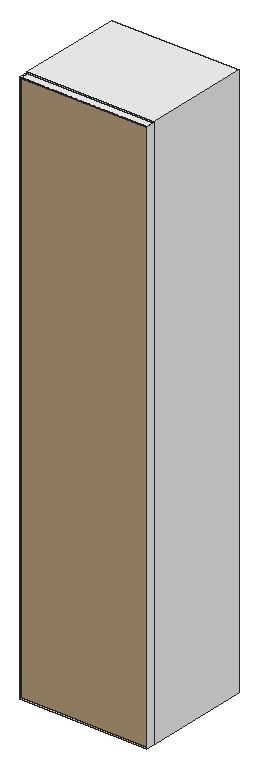
Revit family "bathroom vanity-hansgrohe-54218XXX-Xevolos E Tall cabinet Matt White 400_360, door hinge left", category Furniture, Revit 2019
Family settings
  OmniClass Number = 23.40.00.00
  OmniClass Title = Equipment and Furnishings
  Work Plane-Based = No
  Always vertical = Yes
  Cut with Voids When Loaded = No
  Shared = Yes
  Room Calculation Point = No
Parameters (values of type "54218390-MATT_WHITE-PATTEREND_BRONZE-200")
  etim7_EC011381 = "EC011381"
  WEIGHT = "41.2"
  UNSPSC = "56 | Furniture and Furnishings"
  UNIFORMATII = "E2010 | Fixed Furnishings"
  UNICLASS_2015_CODE = "40_30_78_05"
  UNICLASS2015 = "Pr_40_30_78_05 | Bathroom furniture"
  SURFACE = "PATTEREND_BRONZE"
  REGION = "Worldwide"
  PRODUCTURL = "https://pro.hansgrohe.com/articledetail--54218320"
  PERMALINK = "54218XXX"
  OMNICLASS = "23-21 19 15 33 13 | Residential Bathroom Specialty Casework"
  OBJECTTYPE = "Object (single object)"
  OBERFLAECHE = "MATT_WHITE"
  NN = "Tall cabinet, door hinge"
  NBSYN = "$ARTNR.-$OBERFLAECHE.-$SURFACE.-$LODLEVEL."
  NB = "54218390-MATT_WHITE-PATTEREND_BRONZE-200"
  NAME = "Xevolos E Tall cabinet Matt White 400/360, door hinge left"
  Model = "54218390-MATT_WHITE-PATTEREND_BRONZE-200"
  Manufacturer = "Hansgrohe"
  MIdent = "{$CADENAS_DATA/23d-libs/hansgrohe/xevolos_furniture/xevolos_tall_cabinet_door_hinge/tall_cabinet_door_hinge.prj},246 {VTYP=3D},{NB=54218390-MATT_WHITE-PATTEREND_BRONZE-200},{LINA=54218390-MATT_WHITE-PATTEREND_BRONZE-200},{NN=Tall cabinet, door hinge},{DATE=13.03.2023 12:06:51},{GEOMDATE=12.03.2023 06:51:00},{VERSION=},{LINEID=20},{WBVAR=LODLEVEL},{WBNUMERIC=}  {NB=54218390-MATT_WHITE-PATTEREND_BRONZE-200},{LINA=54218390-MATT_WHITE-PATTEREND_BRONZE-200},{KT=DUMMY},{IDNR=2},{ARTNR=54218390},{BASENUMBER=54218},{MODEL=54218XXX},{OBERFLAECHE=MATT_WHITE},{SURFACE=PATTEREND_BRONZE},{L=400},{LODLEVEL=200},{LODLEVELX='400','400','200','200'},{NAME=Xevolos E Tall cabinet Matt White 400/360, door hinge left},{PERMALINK=54218XXX},{OBJECTTYPE=Object (single object)},{BIMOBJECT=Sanitary: Compound units},{COLLECTIONSET=Xevolos E},{COLLECTION=bathroom vanity},{WEIGHT=41.2},{DESCRIPTION=Xevolos E Tall cabinet Matt White 400/360, door hinge left},{PRODUCTURL=https://pro.hansgrohe.com/articledetail--54218320},{GTINCODE=0},{TENDERURL=0},{IFC=Furnishing element},{ETIM=EC011381 | Bathroom furniture set},{UNICLASS2015=Pr_40_30_78_05 | Bathroom furniture},{OMNICLASS=23-21 19 15 33 13 | Residential Bathroom Specialty Casework},{MASTERFORMAT=12 35 30.23 | Bathroom Casework},{UNSPSC=56 | Furniture and Furnishings},{UNIFORMATII=E2010 | Fixed Furnishings},{REGION=Worldwide},{DESIGN=Germany},{MANUFACTURER=Germany}"
  MASTERFORMAT = "12 35 30.23 | Bathroom Casework"
  LODLEVEL = "200"
  LINA = "54218390-MATT_WHITE-PATTEREND_BRONZE-200"
  L = 400
  IFC = "Furnishing element"
  IDNR = 2
  ETIM = "EC011381 | Bathroom furniture set"
  DESIGN = "Germany"
  COLLECTIONSET = "Xevolos E"
  COLLECTION = "bathroom vanity"
  CATALOG = "Hansgrohe"
  BIMOBJECT = "Sanitary: Compound units"
  BASENUMBER = "54218"
  ARTNR = "54218390"
  54218730-MATT_WHITE-DARK_OAK-400_RX0RY0RZ0TX0TY0TZ0_V = no
  54218730-MATT_WHITE-DARK_OAK-200_RX0RY0RZ0TX0TY0TZ0_V = no
  54218390-MATT_WHITE-PATTEREND_BRONZE-400_RX0RY0RZ0TX0TY0TZ0_V = no
  54218390-MATT_WHITE-PATTEREND_BRONZE-200_RX0RY0RZ0TX0TY0TZ0_V = yes
  54218320-MATT_WHITE-METALLIC_WHITE-400_RX0RY0RZ0TX0TY0TZ0_V = no
  54218320-MATT_WHITE-METALLIC_WHITE-200_RX0RY0RZ0TX0TY0TZ0_V = no
Types (6, lengths in mm): name | SURFACE | NB | Model | MIdent | LODLEVEL | LINA | IDNR | ARTNR | 54218730-MATT_WHITE-DARK_OAK-400_RX0RY0RZ0TX0TY0TZ0_V | 54218730-MATT_WHITE-DARK_OAK-200_RX0RY0RZ0TX0TY0TZ0_V | 54218390-MATT_WHITE-PATTEREND_BRONZE-400_RX0RY0RZ0TX0TY0TZ0_V | 54218390-MATT_WHITE-PATTEREND_BRONZE-200_RX0RY0RZ0TX0TY0TZ0_V | 54218320-MATT_WHITE-METALLIC_WHITE-400_RX0RY0RZ0TX0TY0TZ0_V | 54218320-MATT_WHITE-METALLIC_WHITE-200_RX0RY0RZ0TX0TY0TZ0_V
  54218320-MATT_WHITE-METALLIC_WHITE-200 | "METALLIC_WHITE" | "54218320-MATT_WHITE-METALLIC_WHITE-200" | "54218320-MATT_WHITE-METALLIC_WHITE-200" | "{$CADENAS_DATA/23d-libs/hansgrohe/xevolos_furniture/xevolos_tall_cabinet_door_hinge/tall_cabinet_door_hinge.prj},242 {VTYP=3D},{NB=54218320-MATT_WHITE-METALLIC_WHITE-200},{LINA=54218320-MATT_WHITE-METALLIC_WHITE-200},{NN=Tall cabinet, door hinge},{DATE=13.03.2023 12:06:51},{GEOMDATE=12.03.2023 06:51:00},{VERSION=},{LINEID=10},{WBVAR=LODLEVEL},{WBNUMERIC=}  {NB=54218320-MATT_WHITE-METALLIC_WHITE-200},{LINA=54218320-MATT_WHITE-METALLIC_WHITE-200},{KT=DUMMY},{IDNR=1},{ARTNR=54218320},{BASENUMBER=54218},{MODEL=54218XXX},{OBERFLAECHE=MATT_WHITE},{SURFACE=METALLIC_WHITE},{L=400},{LODLEVEL=200},{LODLEVELX='400','400','200','200'},{NAME=Xevolos E Tall cabinet Matt White 400/360, door hinge left},{PERMALINK=54218XXX},{OBJECTTYPE=Object (single object)},{BIMOBJECT=Sanitary: Compound units},{COLLECTIONSET=Xevolos E},{COLLECTION=bathroom vanity},{WEIGHT=41.2},{DESCRIPTION=Xevolos E Tall cabinet Matt White 400/360, door hinge left},{PRODUCTURL=https://pro.hansgrohe.com/articledetail--54218320},{GTINCODE=0},{TENDERURL=0},{IFC=Furnishing element},{ETIM=EC011381 | Bathroom furniture set},{UNICLASS2015=Pr_40_30_78_05 | Bathroom furniture},{OMNICLASS=23-21 19 15 33 13 | Residential Bathroom Specialty Casework},{MASTERFORMAT=12 35 30.23 | Bathroom Casework},{UNSPSC=56 | Furniture and Furnishings},{UNIFORMATII=E2010 | Fixed Furnishings},{REGION=Worldwide},{DESIGN=Germany},{MANUFACTURER=Germany}" | "200" | "54218320-MATT_WHITE-METALLIC_WHITE-200" | 1 | "54218320" | no | no | no | no | no | yes
  54218320-MATT_WHITE-METALLIC_WHITE-400 | "METALLIC_WHITE" | "54218320-MATT_WHITE-METALLIC_WHITE-400" | "54218320-MATT_WHITE-METALLIC_WHITE-400" | "{$CADENAS_DATA/23d-libs/hansgrohe/xevolos_furniture/xevolos_tall_cabinet_door_hinge/tall_cabinet_door_hinge.prj},242 {VTYP=3D},{NB=54218320-MATT_WHITE-METALLIC_WHITE-400},{LINA=54218320-MATT_WHITE-METALLIC_WHITE-400},{NN=Tall cabinet, door hinge},{DATE=13.03.2023 12:06:51},{GEOMDATE=12.03.2023 06:51:00},{VERSION=},{LINEID=10},{WBVAR=LODLEVEL},{WBNUMERIC=}  {NB=54218320-MATT_WHITE-METALLIC_WHITE-400},{LINA=54218320-MATT_WHITE-METALLIC_WHITE-400},{KT=DUMMY},{IDNR=1},{ARTNR=54218320},{BASENUMBER=54218},{MODEL=54218XXX},{OBERFLAECHE=MATT_WHITE},{SURFACE=METALLIC_WHITE},{L=400},{LODLEVEL=400},{LODLEVELX='400','400','200','200'},{NAME=Xevolos E Tall cabinet Matt White 400/360, door hinge left},{PERMALINK=54218XXX},{OBJECTTYPE=Object (single object)},{BIMOBJECT=Sanitary: Compound units},{COLLECTIONSET=Xevolos E},{COLLECTION=bathroom vanity},{WEIGHT=41.2},{DESCRIPTION=Xevolos E Tall cabinet Matt White 400/360, door hinge left},{PRODUCTURL=https://pro.hansgrohe.com/articledetail--54218320},{GTINCODE=0},{TENDERURL=0},{IFC=Furnishing element},{ETIM=EC011381 | Bathroom furniture set},{UNICLASS2015=Pr_40_30_78_05 | Bathroom furniture},{OMNICLASS=23-21 19 15 33 13 | Residential Bathroom Specialty Casework},{MASTERFORMAT=12 35 30.23 | Bathroom Casework},{UNSPSC=56 | Furniture and Furnishings},{UNIFORMATII=E2010 | Fixed Furnishings},{REGION=Worldwide},{DESIGN=Germany},{MANUFACTURER=Germany}" | "400" | "54218320-MATT_WHITE-METALLIC_WHITE-400" | 1 | "54218320" | no | no | no | no | yes | no
  54218390-MATT_WHITE-PATTEREND_BRONZE-200 | "PATTEREND_BRONZE" | "54218390-MATT_WHITE-PATTEREND_BRONZE-200" | "54218390-MATT_WHITE-PATTEREND_BRONZE-200" | "{$CADENAS_DATA/23d-libs/hansgrohe/xevolos_furniture/xevolos_tall_cabinet_door_hinge/tall_cabinet_door_hinge.prj},246 {VTYP=3D},{NB=54218390-MATT_WHITE-PATTEREND_BRONZE-200},{LINA=54218390-MATT_WHITE-PATTEREND_BRONZE-200},{NN=Tall cabinet, door hinge},{DATE=13.03.2023 12:06:51},{GEOMDATE=12.03.2023 06:51:00},{VERSION=},{LINEID=20},{WBVAR=LODLEVEL},{WBNUMERIC=}  {NB=54218390-MATT_WHITE-PATTEREND_BRONZE-200},{LINA=54218390-MATT_WHITE-PATTEREND_BRONZE-200},{KT=DUMMY},{IDNR=2},{ARTNR=54218390},{BASENUMBER=54218},{MODEL=54218XXX},{OBERFLAECHE=MATT_WHITE},{SURFACE=PATTEREND_BRONZE},{L=400},{LODLEVEL=200},{LODLEVELX='400','400','200','200'},{NAME=Xevolos E Tall cabinet Matt White 400/360, door hinge left},{PERMALINK=54218XXX},{OBJECTTYPE=Object (single object)},{BIMOBJECT=Sanitary: Compound units},{COLLECTIONSET=Xevolos E},{COLLECTION=bathroom vanity},{WEIGHT=41.2},{DESCRIPTION=Xevolos E Tall cabinet Matt White 400/360, door hinge left},{PRODUCTURL=https://pro.hansgrohe.com/articledetail--54218320},{GTINCODE=0},{TENDERURL=0},{IFC=Furnishing element},{ETIM=EC011381 | Bathroom furniture set},{UNICLASS2015=Pr_40_30_78_05 | Bathroom furniture},{OMNICLASS=23-21 19 15 33 13 | Residential Bathroom Specialty Casework},{MASTERFORMAT=12 35 30.23 | Bathroom Casework},{UNSPSC=56 | Furniture and Furnishings},{UNIFORMATII=E2010 | Fixed Furnishings},{REGION=Worldwide},{DESIGN=Germany},{MANUFACTURER=Germany}" | "200" | "54218390-MATT_WHITE-PATTEREND_BRONZE-200" | 2 | "54218390" | no | no | no | yes | no | no
  54218390-MATT_WHITE-PATTEREND_BRONZE-400 | "PATTEREND_BRONZE" | "54218390-MATT_WHITE-PATTEREND_BRONZE-400" | "54218390-MATT_WHITE-PATTEREND_BRONZE-400" | "{$CADENAS_DATA/23d-libs/hansgrohe/xevolos_furniture/xevolos_tall_cabinet_door_hinge/tall_cabinet_door_hinge.prj},246 {VTYP=3D},{NB=54218390-MATT_WHITE-PATTEREND_BRONZE-400},{LINA=54218390-MATT_WHITE-PATTEREND_BRONZE-400},{NN=Tall cabinet, door hinge},{DATE=13.03.2023 12:06:51},{GEOMDATE=12.03.2023 06:51:00},{VERSION=},{LINEID=20},{WBVAR=LODLEVEL},{WBNUMERIC=}  {NB=54218390-MATT_WHITE-PATTEREND_BRONZE-400},{LINA=54218390-MATT_WHITE-PATTEREND_BRONZE-400},{KT=DUMMY},{IDNR=2},{ARTNR=54218390},{BASENUMBER=54218},{MODEL=54218XXX},{OBERFLAECHE=MATT_WHITE},{SURFACE=PATTEREND_BRONZE},{L=400},{LODLEVEL=400},{LODLEVELX='400','400','200','200'},{NAME=Xevolos E Tall cabinet Matt White 400/360, door hinge left},{PERMALINK=54218XXX},{OBJECTTYPE=Object (single object)},{BIMOBJECT=Sanitary: Compound units},{COLLECTIONSET=Xevolos E},{COLLECTION=bathroom vanity},{WEIGHT=41.2},{DESCRIPTION=Xevolos E Tall cabinet Matt White 400/360, door hinge left},{PRODUCTURL=https://pro.hansgrohe.com/articledetail--54218320},{GTINCODE=0},{TENDERURL=0},{IFC=Furnishing element},{ETIM=EC011381 | Bathroom furniture set},{UNICLASS2015=Pr_40_30_78_05 | Bathroom furniture},{OMNICLASS=23-21 19 15 33 13 | Residential Bathroom Specialty Casework},{MASTERFORMAT=12 35 30.23 | Bathroom Casework},{UNSPSC=56 | Furniture and Furnishings},{UNIFORMATII=E2010 | Fixed Furnishings},{REGION=Worldwide},{DESIGN=Germany},{MANUFACTURER=Germany}" | "400" | "54218390-MATT_WHITE-PATTEREND_BRONZE-400" | 2 | "54218390" | no | no | yes | no | no | no
  54218730-MATT_WHITE-DARK_OAK-200 | "DARK_OAK" | "54218730-MATT_WHITE-DARK_OAK-200" | "54218730-MATT_WHITE-DARK_OAK-200" | "{$CADENAS_DATA/23d-libs/hansgrohe/xevolos_furniture/xevolos_tall_cabinet_door_hinge/tall_cabinet_door_hinge.prj},230 {VTYP=3D},{NB=54218730-MATT_WHITE-DARK_OAK-200},{LINA=54218730-MATT_WHITE-DARK_OAK-200},{NN=Tall cabinet, door hinge},{DATE=13.03.2023 12:06:51},{GEOMDATE=12.03.2023 06:51:00},{VERSION=},{LINEID=30},{WBVAR=LODLEVEL},{WBNUMERIC=}  {NB=54218730-MATT_WHITE-DARK_OAK-200},{LINA=54218730-MATT_WHITE-DARK_OAK-200},{KT=DUMMY},{IDNR=3},{ARTNR=54218730},{BASENUMBER=54218},{MODEL=54218XXX},{OBERFLAECHE=MATT_WHITE},{SURFACE=DARK_OAK},{L=400},{LODLEVEL=200},{LODLEVELX='400','400','200','200'},{NAME=Xevolos E Tall cabinet Matt White 400/360, door hinge left},{PERMALINK=54218XXX},{OBJECTTYPE=Object (single object)},{BIMOBJECT=Sanitary: Compound units},{COLLECTIONSET=Xevolos E},{COLLECTION=bathroom vanity},{WEIGHT=41.2},{DESCRIPTION=Xevolos E Tall cabinet Matt White 400/360, door hinge left},{PRODUCTURL=https://pro.hansgrohe.com/articledetail--54218320},{GTINCODE=0},{TENDERURL=0},{IFC=Furnishing element},{ETIM=EC011381 | Bathroom furniture set},{UNICLASS2015=Pr_40_30_78_05 | Bathroom furniture},{OMNICLASS=23-21 19 15 33 13 | Residential Bathroom Specialty Casework},{MASTERFORMAT=12 35 30.23 | Bathroom Casework},{UNSPSC=56 | Furniture and Furnishings},{UNIFORMATII=E2010 | Fixed Furnishings},{REGION=Worldwide},{DESIGN=Germany},{MANUFACTURER=Germany}" | "200" | "54218730-MATT_WHITE-DARK_OAK-200" | 3 | "54218730" | no | yes | no | no | no | no
  54218730-MATT_WHITE-DARK_OAK-400 | "DARK_OAK" | "54218730-MATT_WHITE-DARK_OAK-400" | "54218730-MATT_WHITE-DARK_OAK-400" | "{$CADENAS_DATA/23d-libs/hansgrohe/xevolos_furniture/xevolos_tall_cabinet_door_hinge/tall_cabinet_door_hinge.prj},230 {VTYP=3D},{NB=54218730-MATT_WHITE-DARK_OAK-400},{LINA=54218730-MATT_WHITE-DARK_OAK-400},{NN=Tall cabinet, door hinge},{DATE=13.03.2023 12:06:51},{GEOMDATE=12.03.2023 06:51:00},{VERSION=},{LINEID=30},{WBVAR=LODLEVEL},{WBNUMERIC=}  {NB=54218730-MATT_WHITE-DARK_OAK-400},{LINA=54218730-MATT_WHITE-DARK_OAK-400},{KT=DUMMY},{IDNR=3},{ARTNR=54218730},{BASENUMBER=54218},{MODEL=54218XXX},{OBERFLAECHE=MATT_WHITE},{SURFACE=DARK_OAK},{L=400},{LODLEVEL=400},{LODLEVELX='400','400','200','200'},{NAME=Xevolos E Tall cabinet Matt White 400/360, door hinge left},{PERMALINK=54218XXX},{OBJECTTYPE=Object (single object)},{BIMOBJECT=Sanitary: Compound units},{COLLECTIONSET=Xevolos E},{COLLECTION=bathroom vanity},{WEIGHT=41.2},{DESCRIPTION=Xevolos E Tall cabinet Matt White 400/360, door hinge left},{PRODUCTURL=https://pro.hansgrohe.com/articledetail--54218320},{GTINCODE=0},{TENDERURL=0},{IFC=Furnishing element},{ETIM=EC011381 | Bathroom furniture set},{UNICLASS2015=Pr_40_30_78_05 | Bathroom furniture},{OMNICLASS=23-21 19 15 33 13 | Residential Bathroom Specialty Casework},{MASTERFORMAT=12 35 30.23 | Bathroom Casework},{UNSPSC=56 | Furniture and Furnishings},{UNIFORMATII=E2010 | Fixed Furnishings},{REGION=Worldwide},{DESIGN=Germany},{MANUFACTURER=Germany}" | "400" | "54218730-MATT_WHITE-DARK_OAK-400" | 3 | "54218730" | yes | no | no | no | no | no
Reference planes
  plane 1 "Center (Front/Back)": y = 0
  plane 2: z = 0
  plane 3 "Center (Left/Right)": x = 0
Dimensions and locks
  aligned and locked: level to plane 2
Nested families
  nested 1: "54218320-matt_white-metallic_white-200_content" at (0, 0, 0), visible <- "54218320-MATT_WHITE-METALLIC_WHITE-200_RX0RY0RZ0TX0TY0TZ0_V", ContentVisible <- "54218320-MATT_WHITE-METALLIC_WHITE-200_RX0RY0RZ0TX0TY0TZ0_V", type "54218320-MATT_WHITE-METALLIC_WHITE-200_Content"
    with ContentVisible no
  nested 2: "54218320-matt_white-metallic_white-400_content" at (0, 0, 0), visible <- "54218320-MATT_WHITE-METALLIC_WHITE-400_RX0RY0RZ0TX0TY0TZ0_V", ContentVisible <- "54218320-MATT_WHITE-METALLIC_WHITE-400_RX0RY0RZ0TX0TY0TZ0_V", type "54218320-MATT_WHITE-METALLIC_WHITE-400_Content"
    with ContentVisible no
  nested 3: "54218390-matt_white-patterend_bronze-200_content" at (0, 0, 0), visible <- "54218390-MATT_WHITE-PATTEREND_BRONZE-200_RX0RY0RZ0TX0TY0TZ0_V", ContentVisible <- "54218390-MATT_WHITE-PATTEREND_BRONZE-200_RX0RY0RZ0TX0TY0TZ0_V", type "54218390-MATT_WHITE-PATTEREND_BRONZE-200_Content"
    with ContentVisible yes
  nested 4: "54218390-matt_white-patterend_bronze-400_content" at (0, 0, 0), visible <- "54218390-MATT_WHITE-PATTEREND_BRONZE-400_RX0RY0RZ0TX0TY0TZ0_V", ContentVisible <- "54218390-MATT_WHITE-PATTEREND_BRONZE-400_RX0RY0RZ0TX0TY0TZ0_V", type "54218390-MATT_WHITE-PATTEREND_BRONZE-400_Content"
    with ContentVisible no
  nested 5: "54218730-matt_white-dark_oak-200_content" at (0, 0, 0), visible <- "54218730-MATT_WHITE-DARK_OAK-200_RX0RY0RZ0TX0TY0TZ0_V", ContentVisible <- "54218730-MATT_WHITE-DARK_OAK-200_RX0RY0RZ0TX0TY0TZ0_V", type "54218730-MATT_WHITE-DARK_OAK-200_Content"
    with ContentVisible no
  nested 6: "54218730-matt_white-dark_oak-400_content" at (0, 0, 0), visible <- "54218730-MATT_WHITE-DARK_OAK-400_RX0RY0RZ0TX0TY0TZ0_V", ContentVisible <- "54218730-MATT_WHITE-DARK_OAK-400_RX0RY0RZ0TX0TY0TZ0_V", type "54218730-MATT_WHITE-DARK_OAK-400_Content"
    with ContentVisible no
Definition of nested family "54218390-matt_white-patterend_bronze-200_content"
  Parameters (values of type "54218390-MATT_WHITE-PATTEREND_BRONZE-200_Content")
    etim7_EC011381 = "EC011381"
    WEIGHT = "41.2"
    UNSPSC = "56 | Furniture and Furnishings"
    UNIFORMATII = "E2010 | Fixed Furnishings"
    UNICLASS_2015_CODE = "40_30_78_05"
    UNICLASS2015 = "Pr_40_30_78_05 | Bathroom furniture"
    SURFACE = "PATTEREND_BRONZE"
    REGION = "Worldwide"
    PRODUCTURL = "https://pro.hansgrohe.com/articledetail--54218320"
    PERMALINK = "54218XXX"
    OMNICLASS = "23-21 19 15 33 13 | Residential Bathroom Specialty Casework"
    OBJECTTYPE = "Object (single object)"
    OBERFLAECHE = "MATT_WHITE"
    NN = "Tall cabinet, door hinge"
    NBSYN = "$ARTNR.-$OBERFLAECHE.-$SURFACE.-$LODLEVEL."
    NB = "54218390-MATT_WHITE-PATTEREND_BRONZE-200"
    NAME = "Xevolos E Tall cabinet Matt White 400/360, door hinge left"
    Model = "54218390-MATT_WHITE-PATTEREND_BRONZE-200"
    Manufacturer = "Hansgrohe"
    MASTERFORMAT = "12 35 30.23 | Bathroom Casework"
    LODLEVEL = "200"
    LINA = "54218390-MATT_WHITE-PATTEREND_BRONZE-200"
    L = 400
    IFC = "Furnishing element"
    IDNR = 2
    ETIM = "EC011381 | Bathroom furniture set"
    Default Elevation = 1219.2 mm
    DESIGN = "Germany"
    ContentVisible [instance] = yes
    COLLECTIONSET = "Xevolos E"
    COLLECTION = "bathroom vanity"
    CATALOG = "Hansgrohe"
    BIMOBJECT = "Sanitary: Compound units"
    BASENUMBER = "54218"
    ARTNR = "54218390"
  Reference planes
    plane 1 "Center (Front/Back)": y = 0
    plane 2: z = 0
    plane 3 "Center (Left/Right)": x = 0
  Forms (mm)
    Extrusion 1, solid, visible <- "ContentVisible", detail levels medium+fine
      sketch origin (0, 0, 0) x (1, 0, 0) y (0, 1, 0)
        loop
          line (-200, 0) -> (-200, -334.5) -> (200, -334.5) -> (200, 0) -> (-200, 0)
      from 0 to 1760
    Extrusion 2, solid, visible <- "ContentVisible", detail levels medium+fine
      sketch origin (0, -334.5, 0) x (1, 0, 0) y (0, 0, -1)
        loop
          line (-200, -2) -> (-200, -1758) -> (200, -1758) -> (200, -2) -> (-200, -2)
        loop
          line (-198, -4) -> (-198, -1756) -> (198, -1756) -> (198, -4) -> (-198, -4)
      from -24.75 to 0
    Extrusion 3, solid, visible <- "ContentVisible", detail levels medium+fine
      sketch origin (0, -334.5, 0) x (1, 0, 0) y (0, 0, -1)
        loop
          line (-198, -4) -> (-198, -1756) -> (198, -1756) -> (198, -4) -> (-198, -4)
      from -24.75 to 0
    Extrusion 4, solid, visible <- "ContentVisible", detail levels coarse
      sketch origin (0, -179.625, 0) x (1, 0, 0) y (0, 1, 0)
        loop
          line (-200, -179.625) -> (200, -179.625) -> (200, 179.625) -> (-200, 179.625) -> (-200, -179.625)
      from 0 to 1760
  Dimensions and locks
    aligned and locked: level to plane 2
Definition of nested family "54218320-matt_white-metallic_white-200_content"
  Parameters (values of type "54218320-MATT_WHITE-METALLIC_WHITE-200_Content")
    etim7_EC011381 = "EC011381"
    WEIGHT = "41.2"
    UNSPSC = "56 | Furniture and Furnishings"
    UNIFORMATII = "E2010 | Fixed Furnishings"
    UNICLASS_2015_CODE = "40_30_78_05"
    UNICLASS2015 = "Pr_40_30_78_05 | Bathroom furniture"
    SURFACE = "METALLIC_WHITE"
    REGION = "Worldwide"
    PRODUCTURL = "https://pro.hansgrohe.com/articledetail--54218320"
    PERMALINK = "54218XXX"
    OMNICLASS = "23-21 19 15 33 13 | Residential Bathroom Specialty Casework"
    OBJECTTYPE = "Object (single object)"
    OBERFLAECHE = "MATT_WHITE"
    NN = "Tall cabinet, door hinge"
    NBSYN = "$ARTNR.-$OBERFLAECHE.-$SURFACE.-$LODLEVEL."
    NB = "54218320-MATT_WHITE-METALLIC_WHITE-200"
    NAME = "Xevolos E Tall cabinet Matt White 400/360, door hinge left"
    Model = "54218320-MATT_WHITE-METALLIC_WHITE-200"
    Manufacturer = "Hansgrohe"
    MASTERFORMAT = "12 35 30.23 | Bathroom Casework"
    LODLEVEL = "200"
    LINA = "54218320-MATT_WHITE-METALLIC_WHITE-200"
    L = 400
    IFC = "Furnishing element"
    IDNR = 1
    ETIM = "EC011381 | Bathroom furniture set"
    Default Elevation = 1219.2 mm
    DESIGN = "Germany"
    ContentVisible [instance] = yes
    COLLECTIONSET = "Xevolos E"
    COLLECTION = "bathroom vanity"
    CATALOG = "Hansgrohe"
    BIMOBJECT = "Sanitary: Compound units"
    BASENUMBER = "54218"
    ARTNR = "54218320"
  Reference planes
    plane 1 "Center (Front/Back)": y = 0
    plane 2: z = 0
    plane 3 "Center (Left/Right)": x = 0
  Forms (mm)
    Extrusion 1, solid, visible <- "ContentVisible", detail levels medium+fine
      sketch origin (0, 0, 0) x (1, 0, 0) y (0, 1, 0)
        loop
          line (-200, 0) -> (-200, -334.5) -> (200, -334.5) -> (200, 0) -> (-200, 0)
      from 0 to 1760
    Extrusion 2, solid, visible <- "ContentVisible", detail levels medium+fine
      sketch origin (0, -334.5, 0) x (1, 0, 0) y (0, 0, -1)
        loop
          line (-200, -2) -> (-200, -1758) -> (200, -1758) -> (200, -2) -> (-200, -2)
        loop
          line (-198, -4) -> (-198, -1756) -> (198, -1756) -> (198, -4) -> (-198, -4)
      from -24.75 to 0
    Extrusion 3, solid, visible <- "ContentVisible", detail levels medium+fine
      sketch origin (0, -334.5, 0) x (1, 0, 0) y (0, 0, -1)
        loop
          line (-198, -4) -> (-198, -1756) -> (198, -1756) -> (198, -4) -> (-198, -4)
      from -24.75 to 0
    Extrusion 4, solid, visible <- "ContentVisible", detail levels coarse
      sketch origin (0, -179.625, 0) x (1, 0, 0) y (0, 1, 0)
        loop
          line (-200, -179.625) -> (200, -179.625) -> (200, 179.625) -> (-200, 179.625) -> (-200, -179.625)
      from 0 to 1760
  Dimensions and locks
    aligned and locked: level to plane 2
Definition of nested family "54218320-matt_white-metallic_white-400_content"
  Parameters (values of type "54218320-MATT_WHITE-METALLIC_WHITE-400_Content")
    etim7_EC011381 = "EC011381"
    WEIGHT = "41.2"
    UNSPSC = "56 | Furniture and Furnishings"
    UNIFORMATII = "E2010 | Fixed Furnishings"
    UNICLASS_2015_CODE = "40_30_78_05"
    UNICLASS2015 = "Pr_40_30_78_05 | Bathroom furniture"
    SURFACE = "METALLIC_WHITE"
    REGION = "Worldwide"
    PRODUCTURL = "https://pro.hansgrohe.com/articledetail--54218320"
    PERMALINK = "54218XXX"
    OMNICLASS = "23-21 19 15 33 13 | Residential Bathroom Specialty Casework"
    OBJECTTYPE = "Object (single object)"
    OBERFLAECHE = "MATT_WHITE"
    NN = "Tall cabinet, door hinge"
    NBSYN = "$ARTNR.-$OBERFLAECHE.-$SURFACE.-$LODLEVEL."
    NB = "54218320-MATT_WHITE-METALLIC_WHITE-400"
    NAME = "Xevolos E Tall cabinet Matt White 400/360, door hinge left"
    Model = "54218320-MATT_WHITE-METALLIC_WHITE-400"
    Manufacturer = "Hansgrohe"
    MASTERFORMAT = "12 35 30.23 | Bathroom Casework"
    LODLEVEL = "400"
    LINA = "54218320-MATT_WHITE-METALLIC_WHITE-400"
    L = 400
    IFC = "Furnishing element"
    IDNR = 1
    ETIM = "EC011381 | Bathroom furniture set"
    Default Elevation = 1219.2 mm
    DESIGN = "Germany"
    ContentVisible [instance] = yes
    COLLECTIONSET = "Xevolos E"
    COLLECTION = "bathroom vanity"
    CATALOG = "Hansgrohe"
    BIMOBJECT = "Sanitary: Compound units"
    BASENUMBER = "54218"
    ARTNR = "54218320"
  Reference planes
    plane 1 "Center (Front/Back)": y = 0
    plane 2: z = 0
    plane 3 "Center (Left/Right)": x = 0
  Forms (mm)
    Extrusion 1, solid, visible <- "ContentVisible", detail levels medium+fine
      sketch origin (0, 0, 0) x (1, 0, 0) y (0, 1, 0)
        loop
          line (-200, 0) -> (-200, -334.5) -> (200, -334.5) -> (200, 0) -> (184, 0) -> (184, -16.8) -> (-184, -16.8) -> (-184, 0) -> (-200, 0)
      from 0 to 1760
    Extrusion 2, solid, visible <- "ContentVisible", detail levels medium+fine
      sketch origin (0, -334.5, 0) x (1, 0, 0) y (0, 0, -1)
        loop
          line (-200, -2) -> (-200, -439) -> (-198, -439) -> (-198, -4) -> (198, -4) -> (198, -439) -> (200, -439) -> (200, -2) -> (-200, -2)
      from -24.75 to 0
    Extrusion 3, solid, visible <- "ContentVisible", detail levels medium+fine
      sketch origin (0, -334.5, 0) x (1, 0, 0) y (0, 0, -1)
        loop
          line (-200, -439) -> (-200, -876) -> (200, -876) -> (200, -439) -> (198, -439) -> (198, -874) -> (-198, -874) -> (-198, -439) -> (-200, -439)
      from -24.75 to 0
    Extrusion 4, solid, visible <- "ContentVisible", detail levels medium+fine
      sketch origin (0, -334.5, 0) x (1, 0, 0) y (0, 0, -1)
        loop
          line (-198, -4) -> (-198, -874) -> (198, -874) -> (198, -4) -> (-198, -4)
      from -24.75 to 0
    Extrusion 5, solid, visible <- "ContentVisible", detail levels medium+fine
      sketch origin (0, -334.5, 0) x (1, 0, 0) y (0, 0, -1)
        loop
          line (-200, -884) -> (-200, -1321) -> (-198, -1321) -> (-198, -886) -> (198, -886) -> (198, -1321) -> (200, -1321) -> (200, -884) -> (-200, -884)
      from -24.75 to 0
    Extrusion 6, solid, visible <- "ContentVisible", detail levels medium+fine
      sketch origin (0, -334.5, 0) x (1, 0, 0) y (0, 0, -1)
        loop
          line (-200, -1321) -> (-200, -1758) -> (200, -1758) -> (200, -1321) -> (198, -1321) -> (198, -1756) -> (-198, -1756) -> (-198, -1321) -> (-200, -1321)
      from -24.75 to 0
    Extrusion 7, solid, visible <- "ContentVisible", detail levels medium+fine
      sketch origin (0, -334.5, 0) x (1, 0, 0) y (0, 0, -1)
        loop
          line (-198, -886) -> (-198, -1756) -> (198, -1756) -> (198, -886) -> (-198, -886)
      from -24.75 to 0
    Extrusion 8, solid, visible <- "ContentVisible", detail levels coarse
      sketch origin (0, -179.625, 0) x (1, 0, 0) y (0, 1, 0)
        loop
          line (-200, -179.625) -> (200, -179.625) -> (200, 179.625) -> (-200, 179.625) -> (-200, -179.625)
      from 0 to 1760
  Dimensions and locks
    aligned and locked: level to plane 2
Definition of nested family "54218390-matt_white-patterend_bronze-400_content"
  Parameters (values of type "54218390-MATT_WHITE-PATTEREND_BRONZE-400_Content")
    etim7_EC011381 = "EC011381"
    WEIGHT = "41.2"
    UNSPSC = "56 | Furniture and Furnishings"
    UNIFORMATII = "E2010 | Fixed Furnishings"
    UNICLASS_2015_CODE = "40_30_78_05"
    UNICLASS2015 = "Pr_40_30_78_05 | Bathroom furniture"
    SURFACE = "PATTEREND_BRONZE"
    REGION = "Worldwide"
    PRODUCTURL = "https://pro.hansgrohe.com/articledetail--54218320"
    PERMALINK = "54218XXX"
    OMNICLASS = "23-21 19 15 33 13 | Residential Bathroom Specialty Casework"
    OBJECTTYPE = "Object (single object)"
    OBERFLAECHE = "MATT_WHITE"
    NN = "Tall cabinet, door hinge"
    NBSYN = "$ARTNR.-$OBERFLAECHE.-$SURFACE.-$LODLEVEL."
    NB = "54218390-MATT_WHITE-PATTEREND_BRONZE-400"
    NAME = "Xevolos E Tall cabinet Matt White 400/360, door hinge left"
    Model = "54218390-MATT_WHITE-PATTEREND_BRONZE-400"
    Manufacturer = "Hansgrohe"
    MASTERFORMAT = "12 35 30.23 | Bathroom Casework"
    LODLEVEL = "400"
    LINA = "54218390-MATT_WHITE-PATTEREND_BRONZE-400"
    L = 400
    IFC = "Furnishing element"
    IDNR = 2
    ETIM = "EC011381 | Bathroom furniture set"
    Default Elevation = 1219.2 mm
    DESIGN = "Germany"
    ContentVisible [instance] = yes
    COLLECTIONSET = "Xevolos E"
    COLLECTION = "bathroom vanity"
    CATALOG = "Hansgrohe"
    BIMOBJECT = "Sanitary: Compound units"
    BASENUMBER = "54218"
    ARTNR = "54218390"
  Reference planes
    plane 1 "Center (Front/Back)": y = 0
    plane 2: z = 0
    plane 3 "Center (Left/Right)": x = 0
  Forms (mm)
    Extrusion 1, solid, visible <- "ContentVisible", detail levels medium+fine
      sketch origin (0, 0, 0) x (1, 0, 0) y (0, 1, 0)
        loop
          line (-200, 0) -> (-200, -334.5) -> (200, -334.5) -> (200, 0) -> (184, 0) -> (184, -16.8) -> (-184, -16.8) -> (-184, 0) -> (-200, 0)
      from 0 to 1760
    Extrusion 2, solid, visible <- "ContentVisible", detail levels medium+fine
      sketch origin (0, -334.5, 0) x (1, 0, 0) y (0, 0, -1)
        loop
          line (-200, -2) -> (-200, -439) -> (-198, -439) -> (-198, -4) -> (198, -4) -> (198, -439) -> (200, -439) -> (200, -2) -> (-200, -2)
      from -24.75 to 0
    Extrusion 3, solid, visible <- "ContentVisible", detail levels medium+fine
      sketch origin (0, -334.5, 0) x (1, 0, 0) y (0, 0, -1)
        loop
          line (-200, -439) -> (-200, -876) -> (200, -876) -> (200, -439) -> (198, -439) -> (198, -874) -> (-198, -874) -> (-198, -439) -> (-200, -439)
      from -24.75 to 0
    Extrusion 4, solid, visible <- "ContentVisible", detail levels medium+fine
      sketch origin (0, -334.5, 0) x (1, 0, 0) y (0, 0, -1)
        loop
          line (-198, -4) -> (-198, -874) -> (198, -874) -> (198, -4) -> (-198, -4)
      from -24.75 to 0
    Extrusion 5, solid, visible <- "ContentVisible", detail levels medium+fine
      sketch origin (0, -334.5, 0) x (1, 0, 0) y (0, 0, -1)
        loop
          line (-200, -884) -> (-200, -1321) -> (-198, -1321) -> (-198, -886) -> (198, -886) -> (198, -1321) -> (200, -1321) -> (200, -884) -> (-200, -884)
      from -24.75 to 0
    Extrusion 6, solid, visible <- "ContentVisible", detail levels medium+fine
      sketch origin (0, -334.5, 0) x (1, 0, 0) y (0, 0, -1)
        loop
          line (-200, -1321) -> (-200, -1758) -> (200, -1758) -> (200, -1321) -> (198, -1321) -> (198, -1756) -> (-198, -1756) -> (-198, -1321) -> (-200, -1321)
      from -24.75 to 0
    Extrusion 7, solid, visible <- "ContentVisible", detail levels medium+fine
      sketch origin (0, -334.5, 0) x (1, 0, 0) y (0, 0, -1)
        loop
          line (-198, -886) -> (-198, -1756) -> (198, -1756) -> (198, -886) -> (-198, -886)
      from -24.75 to 0
    Extrusion 8, solid, visible <- "ContentVisible", detail levels coarse
      sketch origin (0, -179.625, 0) x (1, 0, 0) y (0, 1, 0)
        loop
          line (-200, -179.625) -> (200, -179.625) -> (200, 179.625) -> (-200, 179.625) -> (-200, -179.625)
      from 0 to 1760
  Dimensions and locks
    aligned and locked: level to plane 2
Definition of nested family "54218730-matt_white-dark_oak-200_content"
  Parameters (values of type "54218730-MATT_WHITE-DARK_OAK-200_Content")
    etim7_EC011381 = "EC011381"
    WEIGHT = "41.2"
    UNSPSC = "56 | Furniture and Furnishings"
    UNIFORMATII = "E2010 | Fixed Furnishings"
    UNICLASS_2015_CODE = "40_30_78_05"
    UNICLASS2015 = "Pr_40_30_78_05 | Bathroom furniture"
    SURFACE = "DARK_OAK"
    REGION = "Worldwide"
    PRODUCTURL = "https://pro.hansgrohe.com/articledetail--54218320"
    PERMALINK = "54218XXX"
    OMNICLASS = "23-21 19 15 33 13 | Residential Bathroom Specialty Casework"
    OBJECTTYPE = "Object (single object)"
    OBERFLAECHE = "MATT_WHITE"
    NN = "Tall cabinet, door hinge"
    NBSYN = "$ARTNR.-$OBERFLAECHE.-$SURFACE.-$LODLEVEL."
    NB = "54218730-MATT_WHITE-DARK_OAK-200"
    NAME = "Xevolos E Tall cabinet Matt White 400/360, door hinge left"
    Model = "54218730-MATT_WHITE-DARK_OAK-200"
    Manufacturer = "Hansgrohe"
    MASTERFORMAT = "12 35 30.23 | Bathroom Casework"
    LODLEVEL = "200"
    LINA = "54218730-MATT_WHITE-DARK_OAK-200"
    L = 400
    IFC = "Furnishing element"
    IDNR = 3
    ETIM = "EC011381 | Bathroom furniture set"
    Default Elevation = 1219.2 mm
    DESIGN = "Germany"
    ContentVisible [instance] = yes
    COLLECTIONSET = "Xevolos E"
    COLLECTION = "bathroom vanity"
    CATALOG = "Hansgrohe"
    BIMOBJECT = "Sanitary: Compound units"
    BASENUMBER = "54218"
    ARTNR = "54218730"
  Reference planes
    plane 1 "Center (Front/Back)": y = 0
    plane 2: z = 0
    plane 3 "Center (Left/Right)": x = 0
  Forms (mm)
    Extrusion 1, solid, visible <- "ContentVisible", detail levels medium+fine
      sketch origin (0, 0, 0) x (1, 0, 0) y (0, 1, 0)
        loop
          line (-200, 0) -> (-200, -334.5) -> (200, -334.5) -> (200, 0) -> (-200, 0)
      from 0 to 1760
    Extrusion 2, solid, visible <- "ContentVisible", detail levels medium+fine
      sketch origin (0, -334.5, 0) x (1, 0, 0) y (0, 0, -1)
        loop
          line (-200, -2) -> (-200, -1758) -> (200, -1758) -> (200, -2) -> (-200, -2)
        loop
          line (-198, -4) -> (-198, -1756) -> (198, -1756) -> (198, -4) -> (-198, -4)
      from -24.75 to 0
    Extrusion 3, solid, visible <- "ContentVisible", detail levels medium+fine
      sketch origin (0, -334.5, 0) x (1, 0, 0) y (0, 0, -1)
        loop
          line (-198, -4) -> (-198, -1756) -> (198, -1756) -> (198, -4) -> (-198, -4)
      from -24.75 to 0
    Extrusion 4, solid, visible <- "ContentVisible", detail levels coarse
      sketch origin (0, -179.625, 0) x (1, 0, 0) y (0, 1, 0)
        loop
          line (-200, -179.625) -> (200, -179.625) -> (200, 179.625) -> (-200, 179.625) -> (-200, -179.625)
      from 0 to 1760
  Dimensions and locks
    aligned and locked: level to plane 2
Definition of nested family "54218730-matt_white-dark_oak-400_content"
  Parameters (values of type "54218730-MATT_WHITE-DARK_OAK-400_Content")
    etim7_EC011381 = "EC011381"
    WEIGHT = "41.2"
    UNSPSC = "56 | Furniture and Furnishings"
    UNIFORMATII = "E2010 | Fixed Furnishings"
    UNICLASS_2015_CODE = "40_30_78_05"
    UNICLASS2015 = "Pr_40_30_78_05 | Bathroom furniture"
    SURFACE = "DARK_OAK"
    REGION = "Worldwide"
    PRODUCTURL = "https://pro.hansgrohe.com/articledetail--54218320"
    PERMALINK = "54218XXX"
    OMNICLASS = "23-21 19 15 33 13 | Residential Bathroom Specialty Casework"
    OBJECTTYPE = "Object (single object)"
    OBERFLAECHE = "MATT_WHITE"
    NN = "Tall cabinet, door hinge"
    NBSYN = "$ARTNR.-$OBERFLAECHE.-$SURFACE.-$LODLEVEL."
    NB = "54218730-MATT_WHITE-DARK_OAK-400"
    NAME = "Xevolos E Tall cabinet Matt White 400/360, door hinge left"
    Model = "54218730-MATT_WHITE-DARK_OAK-400"
    Manufacturer = "Hansgrohe"
    MASTERFORMAT = "12 35 30.23 | Bathroom Casework"
    LODLEVEL = "400"
    LINA = "54218730-MATT_WHITE-DARK_OAK-400"
    L = 400
    IFC = "Furnishing element"
    IDNR = 3
    ETIM = "EC011381 | Bathroom furniture set"
    Default Elevation = 1219.2 mm
    DESIGN = "Germany"
    ContentVisible [instance] = yes
    COLLECTIONSET = "Xevolos E"
    COLLECTION = "bathroom vanity"
    CATALOG = "Hansgrohe"
    BIMOBJECT = "Sanitary: Compound units"
    BASENUMBER = "54218"
    ARTNR = "54218730"
  Reference planes
    plane 1 "Center (Front/Back)": y = 0
    plane 2: z = 0
    plane 3 "Center (Left/Right)": x = 0
  Forms (mm)
    Extrusion 1, solid, visible <- "ContentVisible", detail levels medium+fine
      sketch origin (0, 0, 0) x (1, 0, 0) y (0, 1, 0)
        loop
          line (-200, 0) -> (-200, -334.5) -> (200, -334.5) -> (200, 0) -> (184, 0) -> (184, -16.8) -> (-184, -16.8) -> (-184, 0) -> (-200, 0)
      from 0 to 1760
    Extrusion 2, solid, visible <- "ContentVisible", detail levels medium+fine
      sketch origin (0, -334.5, 0) x (1, 0, 0) y (0, 0, -1)
        loop
          line (-200, -2) -> (-200, -439) -> (-198, -439) -> (-198, -4) -> (198, -4) -> (198, -439) -> (200, -439) -> (200, -2) -> (-200, -2)
      from -24.75 to 0
    Extrusion 3, solid, visible <- "ContentVisible", detail levels medium+fine
      sketch origin (0, -334.5, 0) x (1, 0, 0) y (0, 0, -1)
        loop
          line (-200, -439) -> (-200, -876) -> (200, -876) -> (200, -439) -> (198, -439) -> (198, -874) -> (-198, -874) -> (-198, -439) -> (-200, -439)
      from -24.75 to 0
    Extrusion 4, solid, visible <- "ContentVisible", detail levels medium+fine
      sketch origin (0, -334.5, 0) x (1, 0, 0) y (0, 0, -1)
        loop
          line (-198, -4) -> (-198, -874) -> (198, -874) -> (198, -4) -> (-198, -4)
      from -24.75 to 0
    Extrusion 5, solid, visible <- "ContentVisible", detail levels medium+fine
      sketch origin (0, -334.5, 0) x (1, 0, 0) y (0, 0, -1)
        loop
          line (-200, -884) -> (-200, -1321) -> (-198, -1321) -> (-198, -886) -> (198, -886) -> (198, -1321) -> (200, -1321) -> (200, -884) -> (-200, -884)
      from -24.75 to 0
    Extrusion 6, solid, visible <- "ContentVisible", detail levels medium+fine
      sketch origin (0, -334.5, 0) x (1, 0, 0) y (0, 0, -1)
        loop
          line (-200, -1321) -> (-200, -1758) -> (200, -1758) -> (200, -1321) -> (198, -1321) -> (198, -1756) -> (-198, -1756) -> (-198, -1321) -> (-200, -1321)
      from -24.75 to 0
    Extrusion 7, solid, visible <- "ContentVisible", detail levels medium+fine
      sketch origin (0, -334.5, 0) x (1, 0, 0) y (0, 0, -1)
        loop
          line (-198, -886) -> (-198, -1756) -> (198, -1756) -> (198, -886) -> (-198, -886)
      from -24.75 to 0
    Extrusion 8, solid, visible <- "ContentVisible", detail levels coarse
      sketch origin (0, -179.625, 0) x (1, 0, 0) y (0, 1, 0)
        loop
          line (-200, -179.625) -> (200, -179.625) -> (200, 179.625) -> (-200, 179.625) -> (-200, -179.625)
      from 0 to 1760
  Dimensions and locks
    aligned and locked: level to plane 2
